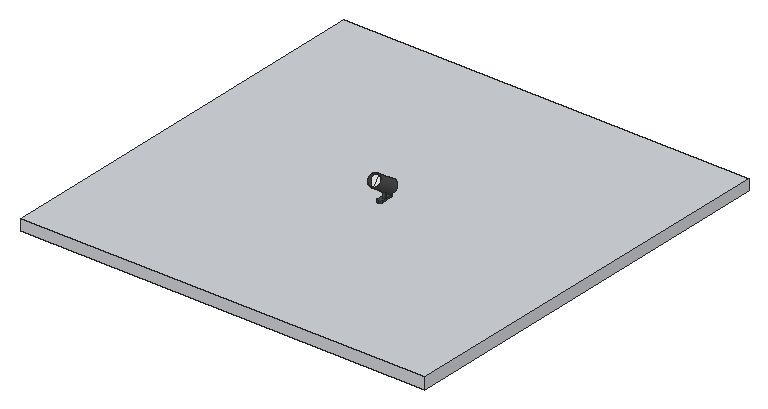
Revit family "Zumtobel VIVO II S", category Lighting Fixtures, host Face, Revit 2016
Family settings
  Host = Face
  Part Type = Normal
  Round Connector Dimension = Use Diameter
  OmniClass Number = 23.80.70.11
  OmniClass Title = Luminaries for Internal Lighting
  Cut with Voids When Loaded = No
  Light Source = No
  Shared = No
  Room Calculation Point = No
Parameters (values of type "VIV2 S 2800-840 SWI 3VVC MSP WH WH")
  URL = "http://www.zumtobel.com/60715474"
  Type Comments = "© Zumtobel. We reserve the right to make technical changes without prior notice."  # constant formula
  Surface Mount = yes
  Semi Recessed = not(Surface Mount)  # no
  Note [instance] = "Angle value ranges between 2° and 76°"  # constant formula
  Model = "60715474"
  Manufacturer = "Zumtobel Lighting"  # constant formula
  Lamp = "LED"
  Emit Shape Visible in Rendering = yes
  Description = "LED spotlight"
  Body Type = Zumtobel Vivo II S Body : VIV2 S 2800-840 SWI 3VVC MSP WH WH
  Body [instance] = ZG_Metal_Black
  Apparent Load = 29 VA
  Angle [instance] = 35.00°
  Rotation [instance] = 0.00°
  Default Elevation = 0.00 mm
  Assembly Code = "D5020200"
Types (2, lengths in mm): name | URL | Surface Mount | Semi Recessed | Model | Description | Body Type
  VIV2 S 2800-840 SWI 3VVC MSP WH WH | "http://www.zumtobel.com/60715474" | yes | no | "60715474" | "LED spotlight" | Zumtobel Vivo II S Body : VIV2 S 2800-840 SWI 3VVC MSP WH WH
  V2-SR S 2300-930 SWI FL WH WH | "http://www.zumtobel.com/60716703" | no | yes | "60716703" | "Semi-Recessed LED spotlight" | Zumtobel Vivo II S Body : V2-SR S 2300-930 SWI FL WH WH
Reference planes
  plane 1 "Center (Front/Back)": y = 0
  plane 2: z = 0
  plane 3 "Center (Left/Right)": x = 0
  plane 4: z = 80.5
  plane 5: y = 47.82
  plane 6: y = -47.97
Forms (mm)
  Extrusion 1, solid
    sketch origin (0, 0, 0) x (1, 0, 0) y (0, 1, 0)
      loop
        line (-1219.2, 1219.2) -> (-1219.2, -1219.2) -> (1219.2, -1219.2) -> (1219.2, 1219.2) -> (-1219.2, 1219.2)
    from 0 to -66.193
  Extrusion 2, solid, material "ZG_Metal_Black" <- "Body", visible <- "Surface Mount"
    sketch origin (0, 0, 40) x (1, 0, 0) y (0, 1, 0)
      loop
        circle (0, 0) r 7.5
    from -32 to 40.5
  Revolve 3, solid, material "ZG_Metal_Black" <- "Body", visible <- "Semi Recessed"
    sketch origin (0, 0, 0) x (0, 1, 0) y (0, 0, 1)
      loop
        line (32.82, 5) -> (32.82, 0) -> (47.82, 0) -> (47.82, 5) -> (32.82, 5)
      axis (0, 5) -> (0, 0)
    angle from 0 to 360
  Revolve 4, solid, material "ZG_Metal_Black" <- "Body", visible <- "Semi Recessed"
    sketch origin (0, 0, 0) x (0, 1, 0) y (0, 0, 1)
      loop
        line (32.82, 5) -> (0, 5) -> (0, 0) -> (32.82, 0) -> (32.82, 5)
      axis (0, 5) -> (0, 0)
    angle from 0 to 360
  Extrusion 5, solid, material "ZG_Metal_Black" <- "Body", visible <- "Semi Recessed"
    sketch origin (0, 899.675, 0) x (0, -1, 0) y (0, 0, 1)
      loop
        line (892.175, 5) -> (907.175, 5) -> (907.175, 80.5) -> (892.175, 80.5) -> (892.175, 5)
    from -5 to 5
  Extrusion 6, solid, material "ZG_Metal_Black" <- "Body", visible <- "Surface Mount"
    sketch origin (0, 0, 0) x (1, 0, 0) y (0, 1, 0)
      loop
        arc (-15, -32.82) -> (0, -47.82) -> (15, -32.82) r 15
        line (15, -32.82) -> (15, 32.82)
        arc (15, 32.82) -> (0, 47.82) -> (-15, 32.82) r 15
        line (-15, 32.82) -> (-15, -32.82)
    from 0 to 8
  Extrusion 7, solid, material "ZG_Metal_Black" <- "Body", visible <- "Surface Mount"
    sketch origin (0, 0, 40) x (1, 0, 0) y (0, 1, 0)
      loop
        circle (0, 0) r 7.5
    from -32 to 40.5
  Extrusion 8, solid, material "ZG_Metal_Black" <- "Body", visible <- "Surface Mount"
    sketch origin (0, 0, 0) x (1, 0, 0) y (0, 1, 0)
      loop
        arc (-15, -32.82) -> (0, -47.82) -> (15, -32.82) r 15
        line (15, -32.82) -> (15, 32.82)
        arc (15, 32.82) -> (0, 47.82) -> (-15, 32.82) r 15
        line (-15, 32.82) -> (-15, -32.82)
    from 0 to 8
Lines and regions (mm)
  reference lines
    curve 1: line (0, 901.7, 0) -> (0, 0, 0)
Dimensions and locks
  locked: plane 4 to plane 2 at 80.5
  "Rotation": angle curve 1 to plane 3 "Center (Left/Right)"
  aligned and locked: plane 2 to Extrusion 1
  aligned and locked: level to Extrusion 1
  aligned and locked: plane 1 "Center (Front/Back)" to curve 1
  aligned and locked: plane 3 "Center (Left/Right)" to curve 1
  aligned: nested 1 to plane 1 "Center (Front/Back)"  (x2)
  aligned: curve 1 to nested 1
  aligned and locked: plane 4 to nested 1
  aligned and locked: curve 1 to nested 1
Automatic sketch dimensions
  Extrusion 1 sketch curve to Extrusion 1 sketch curve = 2438.40 mm  (x2)
  plane 1 "Center (Front/Back)" to Extrusion 2 sketch curve = 0.00 mm
  Extrusion 2 sketch curve to plane 3 "Center (Left/Right)" = 0.00 mm
  Revolve 3 sketch curve to plane 1 "Center (Front/Back)" = 0.00 mm
  Revolve 3 sketch curve to level = 0.00 mm
  Revolve 3 sketch curve to plane 5 = 0.00 mm
  Revolve 3 sketch curve to Revolve 3 sketch curve = 15.00 mm
  Revolve 3 sketch curve to Revolve 3 sketch curve = 5.00 mm
  Revolve 3 sketch curve to plane 4 = 40.00 mm
  Revolve 3 sketch curve to Revolve 3 sketch curve = 10.00 mm
  Revolve 4 sketch curve to plane 1 "Center (Front/Back)" = 0.00 mm  (x2)
  Revolve 4 sketch curve to level = 0.00 mm
  level to Revolve 4 sketch curve = 5.00 mm
  plane 5 to Revolve 4 sketch curve = 15.00 mm
  Revolve 4 sketch curve to Revolve 4 sketch curve = 35.50 mm
  Revolve 4 sketch curve to Revolve 4 sketch curve = 10.00 mm
  Extrusion 5 sketch curve to curve 1 = 7.50 mm
  curve 1 to Extrusion 5 sketch curve = 7.50 mm
  Extrusion 5 sketch curve to curve 1 = 5.00 mm
  curve 1 to Extrusion 5 sketch curve = 80.50 mm
  Extrusion 6 sketch curve to plane 3 "Center (Left/Right)" = 0.00 mm
  Extrusion 6 sketch curve to plane 3 "Center (Left/Right)" = 15.00 mm
  Extrusion 6 sketch curve to plane 6 = 15.15 mm
  plane 5 to Extrusion 6 sketch curve = 15.00 mm
  Extrusion 6 sketch curve to Extrusion 6 sketch curve = 0.00 mm
  plane 1 "Center (Front/Back)" to Extrusion 7 sketch curve = 0.00 mm
  Extrusion 7 sketch curve to plane 3 "Center (Left/Right)" = 0.00 mm
  Extrusion 8 sketch curve to plane 3 "Center (Left/Right)" = 0.00 mm
  Extrusion 8 sketch curve to plane 3 "Center (Left/Right)" = 15.00 mm
  Extrusion 8 sketch curve to plane 6 = 15.15 mm
  plane 5 to Extrusion 8 sketch curve = 15.00 mm
  Extrusion 8 sketch curve to Extrusion 8 sketch curve = 0.00 mm
  radius of Extrusion 2 sketch curve = 7.50 mm
  radius of Extrusion 7 sketch curve = 7.50 mm
Nested families
  nested 1: "Zumtobel Vivo II S Body" at (200, 155, 80.5) x (1, 0, 0) z (0, 0, -1), Angle <- "Angle", type <- "Body Type", Body <- "Body", type "VIV2 S 2800-840 SWI 3VVC MSP WH WH"
    with Body ZG_Metal_Black, Angle 35.00°
Connectors
  electrical at (0, 0, 0), driven by "Apparent Load"
    settings: index 1, voltage 230 V, apparent load 0 VA, apparent load phase1 29 VA, apparent load phase2 0 VA, apparent load phase3 0 VA, power factor 1, load classification "Other", number of poles 1, system type 31, power factor state 1, is connector primary yes, connector utility no, sub classification motor no, connector description ""
Definition of nested family "Zumtobel Vivo II S Body"
  Parameters (values of type "VIV2 S 2800-840 SWI 3VVC MSP WH WH")
    Wattage = 18.8499 W
    built-in parameter 1150110 = 1 (stored number, unit not read)
    URL = ""
    built-in parameter 1114217 = 1 (stored number, unit not read)
    Tilt Angle = 60.00°
    built-in parameter 1150109 = 1 (stored number, unit not read)
    built-in parameter 1150134 = 12
    built-in parameter 1150113 = 1 (stored number, unit not read)
    Photometric Web File = "60715474_(STD_LEO).IES"
    Model = ""
    Manufacturer = "Zumtobel Lighting"  # constant formula
    built-in parameter 1150105 = 222.82 (stored number, unit not read)
    Lumens = 2800 lm
    built-in parameter 1150115 = 1 (stored number, unit not read)
    built-in parameter 1150137 = (empty or 0)
    built-in parameter 1150139 = (empty or 0)
    built-in parameter 1150112 = 1 (stored number, unit not read)
    built-in parameter 1150114 = 1 (stored number, unit not read)
    Lamp = ""
    built-in parameter 1150132 = 2
    built-in parameter 1150102 = (empty or 0)
    built-in parameter 1150107 = 4000 (stored number, unit not read)
    built-in parameter 1150138 = (empty or 0)
    built-in parameter 1150106 = 2.2282 (stored number, unit not read)
    built-in parameter 1150104 = 13.8 (stored number, unit not read)
    Dimming Lamp Color Temperature Shift = (empty or 0)
    Description = "Zumtobel VIVO2 S Body"  # constant formula
    Default Elevation = 0.00 mm
    Color Filter = 16777215
    Body [instance] = none
    built-in parameter 1114218 = 1 (stored number, unit not read)
    built-in parameter 1150133 = 10 (stored number, unit not read)
    Assembly Code = ""
    Apparent Load = 29 VA
    Angle [instance] = 35.00°
  Types (2, lengths in mm): name | Wattage | Photometric Web File | built-in parameter 1150105 | Lumens | built-in parameter 1150106
    VIV2 S 2800-840 SWI 3VVC MSP WH WH | 18.8499 W | "60715474_(STD_LEO).IES" | 222.82 (stored number, unit not read) | 2800 lm | 2.2282 (stored number, unit not read)
    V2-SR S 2300-930 SWI FL WH WH | 15.4838 W | "STxx20.IES" | 183.03 (stored number, unit not read) | 2300 lm | 1.8303 (stored number, unit not read)
  Reference planes
    plane 1 "Top": z = 0
    plane 2 "Center (Front/Back)": y = -155
    plane 3 "Center (Left/Right)": x = -200
  Forms (mm)
    Revolve 1, solid, material <- "Body"
      sketch origin (-200, -155, 0) x (0, -0.819152, -0.573576) y (0, 0.573576, -0.819152)
        loop
          line (89.316, -37.5) -> (89.316, -34.958) -> (69.312, -34.958) -> (69.312, 0) -> (-55.688, 0) -> (-55.688, -37.5) -> (89.316, -37.5)
        axis (-55.688, 0) -> (89.316, 0)
      angle from 0 to 360
    Sweep 2, void
      path origin (-200, -155, 0) x (0, 0.819152, 0.573576) y (0, -0.573576, 0.819152)
        loop
          line (0, 100) -> (0, 0) -> (55.688, 0)
      profile origin (-200, -132.192, 15.971) x (0, -0.573576, 0.819152) y (1, 0, 0)
        loop
          arc (0, 8) -> (-8, 0) -> (0, -8) r 8
          line (0, -8) -> (0, 8)
    Extrusion 3, void
      sketch origin (-200, -155, 0) x (0, -0.819152, -0.573576) y (0, -0.573576, 0.819152)
        loop
          line (0, 0) -> (0, 100) -> (-102.371, 100) -> (-102.371, 0) -> (0, 0)
      from -8 to 8
  Cuts and joins
    Sweep 2, Extrusion 3 cuts Revolve 1
  Lines and regions (mm)
    reference lines
      curve 1: line (-200, -155, 0) -> (-200, -211.777, -39.756)
      curve 2: line (-200, -300.403, 51.939) -> (-200, -228.163, -51.23)
      curve 3: line (-200, -211.777, -39.756) -> (-200, -279.274, 56.64)
      curve 4: line (-200, -142.499, 79.236) -> (-200, -109.383, 31.941)
      curve 5: line (-200, -155, 0) -> (-200, -109.383, 31.941)
      curve 6: line (-200, -211.777, -39.756) -> (-200, -228.163, -51.23)
  Dimensions and locks
    locked: curve 5 to curve 5 at 55.688
    locked: Extrusion 3 sketch curve to Extrusion 3 sketch curve at 100
    curve 4 to curve 3 to curve 2 = 125.00 mm, 20.004 mm
    "Angle": angle curve 6 to plane 1 "Top"
    "Angle": angle curve 5 to plane 1 "Top"
    locked: Sweep 2 sketch curve to Sweep 2 sketch curve (angle 90.00°)
    aligned and locked: level to plane 1 "Top"
    aligned and locked: plane 2 "Center (Front/Back)" to curve 1
    aligned and locked: plane 1 "Top" to curve 1
    aligned: curve 2 to cut or joined group of Revolve 1, Sweep 2, Extrusion 3
    aligned and locked: curve 4 to Revolve 1 sketch curve
    aligned and locked: Sweep 2 sketch curve to curve 5
    aligned and locked: profile plane to Sweep 2 sketch curve
    aligned and locked: Extrusion 3 sketch curve to curve 5
    aligned and locked: imposter light to curve 6  (x2)
  Automatic sketch dimensions
    Revolve 1 sketch curve to curve 6 = 0.00 mm  (x3)
    curve 1 to Revolve 1 sketch curve = 0.00 mm
    curve 6 to Revolve 1 sketch curve = 30.00 mm
    Sweep 2 sketch curve to profile plane = 0.00 mm
    Sweep 2 sketch curve to Sweep 2 sketch curve = 8.00 mm
    Extrusion 3 sketch curve to curve 5 = 46.683 mm
    Sweep 2 sketch curve to curve 5 = 0.00 mm
    Revolve 1 sketch curve to Revolve 1 sketch curve = 2.542 mm
    Revolve 1 sketch curve to curve 1 = 0.00 mm
    plane 2 "Center (Front/Back)" to curve 4 = 12.501 mm
    curve 3 to level = 56.64 mm
    curve 2 to level = 51.939 mm
    Revolve 1 sketch curve to curve 1 = 34.958 mm
